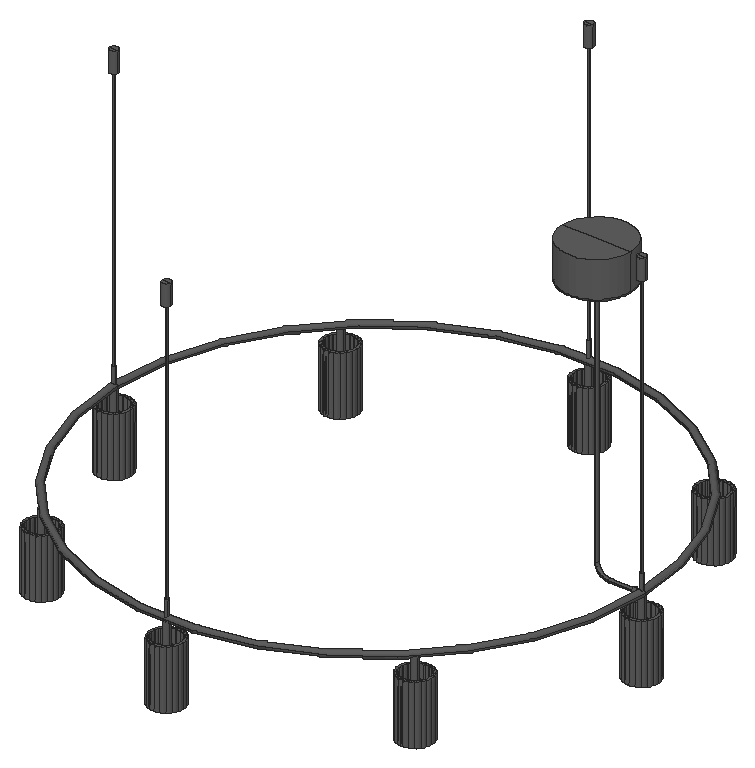
Revit family "Lighting_Pendants_Pholc_Donna_Circle-1000", category Lighting Fixtures, host Ceiling, Revit 2017 (continued)
Definition of nested family "Donna_Circle_1000"
  Lines and regions (mm)
    symbolic lines, detail levels fine
      curve 444: arc (24.956, -488.937, 0) -> (24.951, -487.287, 0) -> (23.619, -486.313, 0) r 1.828
      curve 445: arc (23.619, -486.313, 0) -> (21.034, -484.718, 0) -> (20.316, -481.766, 0) r 4
      curve 446: arc (20.316, -481.766, 0) -> (19.801, -480.199, 0) -> (18.234, -479.684, 0) r 1.828
      curve 447: arc (18.234, -479.684, 0) -> (15.282, -478.966, 0) -> (13.687, -476.381, 0) r 4
      curve 448: arc (13.687, -476.381, 0) -> (12.713, -475.049, 0) -> (11.063, -475.044, 0) r 1.828
      curve 449: arc (11.063, -475.044, 0) -> (8.034, -475.273, 0) -> (5.718, -473.307, 0) r 4
      curve 450: arc (5.718, -473.307, 0) -> (4.381, -472.342, 0) -> (2.81, -472.847, 0) r 1.828
      curve 451: arc (2.81, -472.847, 0) -> (0, -474, 0) -> (-2.81, -472.847, 0) r 4
      curve 452: arc (-2.81, -472.847, 0) -> (-4.381, -472.342, 0) -> (-5.718, -473.307, 0) r 1.828
      curve 453: arc (-5.718, -473.307, 0) -> (-8.034, -475.273, 0) -> (-11.063, -475.044, 0) r 4
      curve 454: arc (-11.063, -475.044, 0) -> (-12.713, -475.049, 0) -> (-13.687, -476.381, 0) r 1.828
      curve 455: arc (-13.687, -476.381, 0) -> (-15.282, -478.966, 0) -> (-18.234, -479.684, 0) r 4
      curve 456: arc (-18.234, -479.684, 0) -> (-19.801, -480.199, 0) -> (-20.316, -481.766, 0) r 1.828
      curve 457: arc (-20.316, -481.766, 0) -> (-21.034, -484.718, 0) -> (-23.619, -486.313, 0) r 4
      curve 458: arc (-23.619, -486.313, 0) -> (-24.951, -487.287, 0) -> (-24.956, -488.937, 0) r 1.828
      curve 459: arc (-24.956, -488.937, 0) -> (-24.562, -491.222, 0) -> (-25.502, -493.341, 0) r 4
      curve 460: arc (-27.257, -505.265, 0) -> (-26.997, -505.52, 0) -> (-26.693, -505.718, 0) r 1.828
      curve 461: arc (-26.693, -505.718, 0) -> (-24.727, -508.034, 0) -> (-24.956, -511.063, 0) r 4
      curve 462: arc (-24.956, -511.063, 0) -> (-24.951, -512.713, 0) -> (-23.619, -513.687, 0) r 1.828
      curve 463: arc (-23.619, -513.687, 0) -> (-21.034, -515.282, 0) -> (-20.316, -518.234, 0) r 4
      curve 464: arc (-20.316, -518.234, 0) -> (-19.801, -519.801, 0) -> (-18.234, -520.316, 0) r 1.828
      curve 465: arc (-18.234, -520.316, 0) -> (-15.282, -521.034, 0) -> (-13.687, -523.619, 0) r 4
      curve 466: arc (-13.687, -523.619, 0) -> (-12.713, -524.951, 0) -> (-11.063, -524.956, 0) r 1.828
      curve 467: circle (0, -500, 0) r 8 normal (0, 0, 1)
      curve 469: arc (326.995, -370.284, 0) -> (324.597, -366.927, 0) -> (325.022, -362.824, 0) r 5.828
      curve 470: arc (325.022, -362.824, 0) -> (321.945, -358.56, 0) -> (323.553, -353.553, 0) r 5.828
      curve 471: arc (323.553, -353.553, 0) -> (321.945, -348.547, 0) -> (325.022, -344.283, 0) r 5.828
      curve 472: arc (325.022, -344.283, 0) -> (325.039, -339.024, 0) -> (329.283, -335.92, 0) r 5.828
      curve 473: arc (329.283, -335.92, 0) -> (330.924, -330.924, 0) -> (335.92, -329.283, 0) r 5.828
      curve 474: arc (335.92, -329.283, 0) -> (339.024, -325.039, 0) -> (344.283, -325.022, 0) r 5.828
      curve 475: arc (344.283, -325.022, 0) -> (348.547, -321.945, 0) -> (353.553, -323.553, 0) r 5.828
      curve 476: arc (353.553, -323.553, 0) -> (358.56, -321.945, 0) -> (362.824, -325.022, 0) r 5.828
      curve 477: arc (362.824, -325.022, 0) -> (366.927, -324.597, 0) -> (370.284, -326.995, 0) r 5.828
      curve 486: arc (342.49, -378.509, 0) -> (345.519, -378.281, 0) -> (347.835, -380.246, 0) r 4
      curve 487: arc (347.835, -380.246, 0) -> (349.173, -381.211, 0) -> (350.743, -380.707, 0) r 1.828
      curve 488: arc (350.743, -380.707, 0) -> (353.553, -379.553, 0) -> (356.364, -380.707, 0) r 4
      curve 489: arc (356.364, -380.707, 0) -> (357.934, -381.211, 0) -> (359.272, -380.246, 0) r 1.828
      curve 490: arc (359.272, -380.246, 0) -> (361.588, -378.281, 0) -> (364.617, -378.509, 0) r 4
      curve 491: arc (364.617, -378.509, 0) -> (366.266, -378.504, 0) -> (367.24, -377.173, 0) r 1.828
      curve 492: arc (367.24, -377.173, 0) -> (368.836, -374.588, 0) -> (371.787, -373.869, 0) r 4
      curve 493: arc (371.787, -373.869, 0) -> (373.354, -373.354, 0) -> (373.869, -371.787, 0) r 1.828
      curve 494: arc (373.869, -371.787, 0) -> (374.588, -368.836, 0) -> (377.173, -367.24, 0) r 4
      curve 495: arc (377.173, -367.24, 0) -> (378.504, -366.266, 0) -> (378.509, -364.617, 0) r 1.828
      curve 496: arc (378.509, -364.617, 0) -> (378.281, -361.588, 0) -> (380.246, -359.272, 0) r 4
      curve 497: arc (380.246, -359.272, 0) -> (381.211, -357.934, 0) -> (380.707, -356.364, 0) r 1.828
      curve 498: arc (380.707, -356.364, 0) -> (379.553, -353.553, 0) -> (380.707, -350.743, 0) r 4
      curve 499: arc (380.707, -350.743, 0) -> (381.211, -349.173, 0) -> (380.246, -347.835, 0) r 1.828
      curve 500: arc (380.246, -347.835, 0) -> (378.281, -345.519, 0) -> (378.509, -342.49, 0) r 4
      curve 501: arc (378.509, -342.49, 0) -> (378.504, -340.84, 0) -> (377.173, -339.866, 0) r 1.828
      curve 502: arc (377.173, -339.866, 0) -> (376.295, -339.616, 0) -> (375.497, -339.173, 0) r 4
      curve 503: arc (367.323, -330.318, 0) -> (367.277, -330.127, 0) -> (367.24, -329.934, 0) r 4
      curve 504: arc (367.24, -329.934, 0) -> (366.266, -328.603, 0) -> (364.617, -328.597, 0) r 1.828
      curve 505: arc (364.617, -328.597, 0) -> (361.588, -328.826, 0) -> (359.272, -326.861, 0) r 4
      curve 506: arc (359.272, -326.861, 0) -> (357.934, -325.895, 0) -> (356.364, -326.4, 0) r 1.828
      curve 507: arc (356.364, -326.4, 0) -> (353.553, -327.553, 0) -> (350.743, -326.4, 0) r 4
      curve 508: arc (350.743, -326.4, 0) -> (349.173, -325.895, 0) -> (347.835, -326.861, 0) r 1.828
      curve 509: arc (347.835, -326.861, 0) -> (345.519, -328.826, 0) -> (342.49, -328.597, 0) r 4
      curve 510: arc (342.49, -328.597, 0) -> (340.84, -328.603, 0) -> (339.866, -329.934, 0) r 1.828
      curve 511: arc (339.866, -329.934, 0) -> (338.271, -332.519, 0) -> (335.32, -333.238, 0) r 4
      curve 512: arc (335.32, -333.238, 0) -> (333.752, -333.752, 0) -> (333.238, -335.32, 0) r 1.828
      curve 513: arc (333.238, -335.32, 0) -> (332.519, -338.271, 0) -> (329.934, -339.866, 0) r 4
      curve 514: arc (329.934, -339.866, 0) -> (328.603, -340.84, 0) -> (328.597, -342.49, 0) r 1.828
      curve 515: arc (328.597, -342.49, 0) -> (328.826, -345.519, 0) -> (326.861, -347.835, 0) r 4
      curve 516: arc (326.861, -347.835, 0) -> (325.895, -349.173, 0) -> (326.4, -350.743, 0) r 1.828
      curve 517: arc (326.4, -350.743, 0) -> (327.553, -353.553, 0) -> (326.4, -356.364, 0) r 4
      curve 518: arc (326.4, -356.364, 0) -> (325.895, -357.934, 0) -> (326.861, -359.272, 0) r 1.828
      curve 519: arc (326.861, -359.272, 0) -> (328.826, -361.588, 0) -> (328.597, -364.617, 0) r 4
      curve 520: arc (328.597, -364.617, 0) -> (328.603, -366.266, 0) -> (329.934, -367.24, 0) r 1.828
      curve 521: arc (329.934, -367.24, 0) -> (330.127, -367.277, 0) -> (330.318, -367.323, 0) r 4
      curve 522: arc (339.173, -375.497, 0) -> (339.616, -376.295, 0) -> (339.866, -377.173, 0) r 4
      curve 523: arc (339.866, -377.173, 0) -> (340.84, -378.504, 0) -> (342.49, -378.509, 0) r 1.828
      curve 524: arc (5.26, -493.972, 0) -> (349.311, -349.311, 0) -> (493.972, -5.26, 0) r 494
      curve 525: arc (5.323, -505.972, 0) -> (18.472, -505.663, 0) -> (31.608, -505.012, 0) r 506
      curve 527: arc (-31.608, -505.012, 0) -> (-18.472, -505.663, 0) -> (-5.323, -505.972, 0) r 506
      curve 529: arc (-378.318, -336.023, 0) -> (-357.796, -357.796, 0) -> (-336.023, -378.318, 0) r 506
      curve 530: arc (336.023, -378.318, 0) -> (357.796, -357.796, 0) -> (378.318, -336.023, 0) r 506
      curve 532: arc (505.012, -31.608, 0) -> (505.663, -18.472, 0) -> (505.972, -5.323, 0) r 506
      curve 534: arc (378.318, 336.023, 0) -> (357.796, 357.796, 0) -> (336.023, 378.318, 0) r 506
      curve 536: arc (31.608, 505.012, 0) -> (18.472, 505.663, 0) -> (5.323, 505.972, 0) r 506
      curve 538: arc (-336.023, 378.318, 0) -> (-357.796, 357.796, 0) -> (-378.318, 336.023, 0) r 506
      curve 548: arc (-493.031, -30.923, 0) -> (-491.707, -29.894, 0) -> (-490.729, -28.532, 0) r 5.828
      curve 549: arc (-490.729, -28.532, 0) -> (-485.471, -28.515, 0) -> (-482.366, -24.271, 0) r 5.828
      curve 550: arc (-482.366, -24.271, 0) -> (-477.371, -22.629, 0) -> (-475.729, -17.634, 0) r 5.828
      curve 551: arc (-475.729, -17.634, 0) -> (-471.485, -14.529, 0) -> (-471.468, -9.271, 0) r 5.828
      curve 552: arc (-471.468, -9.271, 0) -> (-468.391, -5.006, 0) -> (-470, 0, 0) r 5.828
      curve 553: arc (-470, 0, 0) -> (-468.391, 5.006, 0) -> (-471.468, 9.271, 0) r 5.828
      curve 554: arc (-471.468, 9.271, 0) -> (-471.485, 14.529, 0) -> (-475.729, 17.634, 0) r 5.828
      curve 555: arc (-475.729, 17.634, 0) -> (-477.371, 22.629, 0) -> (-482.366, 24.271, 0) r 5.828
      curve 556: arc (-482.366, 24.271, 0) -> (-485.471, 28.515, 0) -> (-490.729, 28.532, 0) r 5.828
      curve 557: arc (-490.729, 28.532, 0) -> (-491.707, 29.894, 0) -> (-493.031, 30.923, 0) r 5.828
      curve 560: arc (-523.619, 13.687, 0) -> (-521.034, 15.282, 0) -> (-520.316, 18.234, 0) r 4
      curve 561: arc (-520.316, 18.234, 0) -> (-519.801, 19.801, 0) -> (-518.234, 20.316, 0) r 1.828
      curve 562: arc (-518.234, 20.316, 0) -> (-515.282, 21.034, 0) -> (-513.687, 23.619, 0) r 4
      curve 563: arc (-513.687, 23.619, 0) -> (-512.713, 24.951, 0) -> (-511.063, 24.956, 0) r 1.828
      curve 564: arc (-511.063, 24.956, 0) -> (-508.034, 24.727, 0) -> (-505.718, 26.693, 0) r 4
      curve 565: arc (-505.718, 26.693, 0) -> (-505.52, 26.997, 0) -> (-505.265, 27.257, 0) r 1.828
      curve 566: arc (-493.341, 25.502, 0) -> (-491.222, 24.562, 0) -> (-488.937, 24.956, 0) r 4
      curve 567: arc (-488.937, 24.956, 0) -> (-487.287, 24.951, 0) -> (-486.313, 23.619, 0) r 1.828
      curve 568: arc (-486.313, 23.619, 0) -> (-484.718, 21.034, 0) -> (-481.766, 20.316, 0) r 4
      curve 569: arc (-481.766, 20.316, 0) -> (-480.199, 19.801, 0) -> (-479.684, 18.234, 0) r 1.828
      curve 570: arc (-479.684, 18.234, 0) -> (-478.966, 15.282, 0) -> (-476.381, 13.687, 0) r 4
      curve 571: arc (-476.381, 13.687, 0) -> (-475.049, 12.713, 0) -> (-475.044, 11.063, 0) r 1.828
      curve 572: arc (-475.044, 11.063, 0) -> (-475.273, 8.034, 0) -> (-473.307, 5.718, 0) r 4
      curve 573: arc (-473.307, 5.718, 0) -> (-472.342, 4.381, 0) -> (-472.847, 2.81, 0) r 1.828
      curve 574: arc (-472.847, 2.81, 0) -> (-474, 0, 0) -> (-472.847, -2.81, 0) r 4
      curve 575: arc (-472.847, -2.81, 0) -> (-472.342, -4.381, 0) -> (-473.307, -5.718, 0) r 1.828
      curve 576: arc (-473.307, -5.718, 0) -> (-475.273, -8.034, 0) -> (-475.044, -11.063, 0) r 4
      curve 577: arc (-475.044, -11.063, 0) -> (-475.049, -12.713, 0) -> (-476.381, -13.687, 0) r 1.828
      curve 578: arc (-476.381, -13.687, 0) -> (-478.966, -15.282, 0) -> (-479.684, -18.234, 0) r 4
      curve 579: arc (-479.684, -18.234, 0) -> (-480.199, -19.801, 0) -> (-481.766, -20.316, 0) r 1.828
      curve 580: arc (-481.766, -20.316, 0) -> (-484.718, -21.034, 0) -> (-486.313, -23.619, 0) r 4
      curve 581: arc (-486.313, -23.619, 0) -> (-487.287, -24.951, 0) -> (-488.937, -24.956, 0) r 1.828
      curve 582: arc (-488.937, -24.956, 0) -> (-491.222, -24.562, 0) -> (-493.341, -25.502, 0) r 4
      curve 583: arc (-505.265, -27.257, 0) -> (-505.52, -26.997, 0) -> (-505.718, -26.693, 0) r 1.828
      curve 584: arc (-505.718, -26.693, 0) -> (-508.034, -24.727, 0) -> (-511.063, -24.956, 0) r 4
      curve 585: arc (-511.063, -24.956, 0) -> (-512.713, -24.951, 0) -> (-513.687, -23.619, 0) r 1.828
      curve 586: arc (-513.687, -23.619, 0) -> (-515.282, -21.034, 0) -> (-518.234, -20.316, 0) r 4
      curve 587: arc (-518.234, -20.316, 0) -> (-519.801, -19.801, 0) -> (-520.316, -18.234, 0) r 1.828
      curve 588: arc (-520.316, -18.234, 0) -> (-521.034, -15.282, 0) -> (-523.619, -13.687, 0) r 4
      curve 589: arc (-523.619, -13.687, 0) -> (-524.951, -12.713, 0) -> (-524.956, -11.063, 0) r 1.828
      curve 590: arc (-524.956, -11.063, 0) -> (-524.727, -8.034, 0) -> (-526.693, -5.718, 0) r 4
      curve 591: arc (-526.693, -5.718, 0) -> (-527.658, -4.381, 0) -> (-527.153, -2.81, 0) r 1.828
      curve 592: arc (-527.153, -2.81, 0) -> (-526, 0, 0) -> (-527.153, 2.81, 0) r 4
      curve 593: arc (-527.153, 2.81, 0) -> (-527.658, 4.381, 0) -> (-526.693, 5.718, 0) r 1.828
      curve 594: arc (-526.693, 5.718, 0) -> (-524.727, 8.034, 0) -> (-524.956, 11.063, 0) r 4
      curve 595: arc (-524.956, 11.063, 0) -> (-524.951, 12.713, 0) -> (-523.619, 13.687, 0) r 1.828
      curve 596: circle (-500, 0, 0) r 8 normal (0, 0, -1)
      curve 597: arc (-493.972, -5.26, 0) -> (-349.311, -349.311, 0) -> (-5.26, -493.972, 0) r 494
      curve 598: arc (-505.972, -5.323, 0) -> (-505.663, -18.472, 0) -> (-505.012, -31.608, 0) r 506
      curve 599: arc (-505.012, 31.608, 0) -> (-505.663, 18.472, 0) -> (-505.972, 5.323, 0) r 506
      curve 607: line (-359.553, 0, 111) -> (-347.553, 0, 111)
      curve 609: line (-347.553, 0, 135.999) -> (-359.553, 0, 135.999)
      curve 618: line (359.553, 0, 111) -> (347.553, 0, 111)
      curve 620: line (347.553, 0, 135.999) -> (359.553, 0, 135.999)
      curve 622: line (499.999, 0, 148.001) -> (497, 0, 148.001)
      curve 626: line (499, 0, 176) -> (501, 0, 176)
      curve 628: arc (503, 0, 147.197) -> (501.553, 0, 147.796) -> (499.999, 0, 148.001) r 6.001
      curve 635: line (501, 0, 676) -> (499, 0, 676)
      curve 638: arc (0, 503, 147.197) -> (0, 501.553, 147.796) -> (0, 499.999, 148.001) r 6.001
      curve 644: line (0, -506, 111) -> (0, -494, 111)
      curve 647: arc (0, -499.999, 135.999) -> (0, -504.242, 137.757) -> (0, -506, 142) r 6.001
      curve 648: line (0, -499.999, 135.999) -> (0, -494, 135.999)
      curve 649: line (0, -499.999, 148.001) -> (0, -497, 148.001)
      curve 656: line (0, -501, 176) -> (0, -499, 176)
      curve 661: line (0, -499, 676) -> (0, -501, 676)
      curve 664: arc (0, -503, 147.197) -> (0, -501.553, 147.796) -> (0, -499.999, 148.001) r 6.001
      curve 670: line (0, 359.553, 111) -> (0, 347.553, 111)
      curve 673: line (0, 359.553, 135.999) -> (0, 347.553, 135.999)
      curve 681: line (0, -359.553, 111) -> (0, -347.553, 111)
      curve 684: line (0, -359.553, 135.999) -> (0, -347.553, 135.999)
  Dimensions and locks
    locked: plane 4 to plane 5 at 38
    "CableLength": plane 5 to plane 7
    locked: plane 7 to plane 2 at 176
    locked: plane 4 to plane 6 at 70
    locked: Revolve 1 sketch curve to Revolve 1 sketch curve at 35
    locked: plane 7 to Revolve 2 sketch curve at 35
    locked: Revolve 3 sketch curve to Revolve 3 sketch curve at 35
    locked: plane 7 to Revolve 9 sketch curve at 35
    aligned and locked: level to plane 2
    aligned and locked: Revolve 1 sketch curve to plane 4
    aligned and locked: plane 5 to Revolve 1 sketch curve
    aligned and locked: Revolve 2 sketch curve to plane 4
    aligned and locked: Revolve 2 sketch curve to plane 5
    aligned and locked: Revolve 1 sketch curve to plane 7
    aligned and locked: plane 7 to Revolve 3 sketch curve
    aligned and locked: plane 5 to Sweep 6 sketch curve
    aligned and locked: plane 5 to Sweep 8 sketch curve
    aligned and locked: plane 7 to Sweep 8 sketch curve
    aligned and locked: curve 58 to plane 7
    aligned and locked: plane 7 to curve 61
    aligned and locked: curve 67 to plane 5
    aligned and locked: plane 5 to curve 74
    aligned and locked: Revolve 1 to plane 4
    aligned and locked: Revolve 1 to plane 5
    aligned and locked: curve 87 to plane 5
    aligned and locked: curve 85 to plane 5
    aligned and locked: Revolve 3 to plane 4
    aligned and locked: plane 5 to curve 91
    aligned and locked: plane 5 to curve 93
    aligned and locked: plane 7 to curve 137
    aligned and locked: plane 7 to curve 140
    aligned and locked: plane 7 to curve 144
    aligned and locked: plane 7 to curve 143
    aligned and locked: plane 5 to Revolve 2
    aligned and locked: plane 5 to curve 138
    aligned and locked: plane 5 to curve 137
    aligned and locked: curve 148 to plane 5
    aligned and locked: plane 5 to Revolve 3  (x2)
    aligned and locked: curve 154 to plane 6
    aligned and locked: plane 6 to curve 155
    aligned and locked: curve 152 to plane 4
    aligned and locked: Extrusion 10 to plane 4
    aligned and locked: plane 7 to curve 655
    aligned and locked: plane 7 to curve 651
    aligned and locked: plane 7 to curve 656
    aligned and locked: plane 4 to curve 658
    aligned and locked: plane 5 to curve 662
  Automatic sketch dimensions
    Revolve 5 sketch curve to plane 3 "Center (Left/Right)" = 0 mm
    Revolve 5 sketch curve to plane 7 = 34 mm
    Revolve 5 sketch curve to plane 7 = 50 mm
    Revolve 5 sketch curve to plane 7 = 20 mm
    Sweep 6 sketch curve to plane 7 = 9 mm
    Sweep 6 sketch curve to Sweep 6 sketch curve = 25 mm
    Sweep 6 sketch curve to Sweep 6 sketch curve = 50 mm
    plane 1 "Center (Front/Back)" to Sweep 6 sketch curve = 0 mm
    Sweep 6 sketch curve to profile plane = 0 mm
    Revolve 7 sketch curve to plane 7 = 34 mm
    Revolve 7 sketch curve to Revolve 7 sketch curve = 15 mm
    Revolve 7 sketch curve to Revolve 7 sketch curve = 4.286 mm
    Revolve 7 sketch curve to Revolve 7 sketch curve = 0 mm  (x2)
    Revolve 7 sketch curve to Revolve 7 sketch curve = 3.105 mm
    Sweep 8 sketch curve to plane 3 "Center (Left/Right)" = 0 mm
    plane 1 "Center (Front/Back)" to Sweep 8 sketch curve = 0 mm  (x2)
    Sweep 8 sketch curve to profile plane = 0 mm  (x2)
    profile plane to Sweep 8 sketch curve = 500 mm
    Sweep 8 sketch curve to profile plane = 500 mm
    Sweep 8 sketch curve to plane 1 "Center (Front/Back)" = 500 mm
    plane 1 "Center (Front/Back)" to Sweep 8 sketch curve = 500 mm
    curve 1 to curve 25 = 0 mm  (x2)
    curve 2 to curve 23 = 0 mm  (x2)
    curve 3 to curve 21 = 0 mm  (x2)
    curve 4 to curve 19 = 0 mm  (x2)
    curve 5 to curve 17 = 0 mm  (x2)
    curve 6 to curve 15 = 0 mm  (x2)
    curve 7 to curve 13 = 0 mm  (x2)
    curve 8 to curve 11 = 0 mm  (x2)
    curve 9 to curve 29 = 0 mm  (x2)
    curve 10 to curve 27 = 0 mm  (x2)
    curve 160 to curve 215 = 0 mm  (x3)
    curve 161 to curve 213 = 0 mm  (x3)
    curve 162 to curve 211 = 0 mm  (x3)
    curve 163 to curve 209 = 0 mm  (x3)
    curve 164 to curve 207 = 0 mm  (x3)
    curve 165 to curve 204 = 0 mm  (x3)
    curve 166 to curve 202 = 0 mm  (x3)
    curve 167 to curve 200 = 0 mm  (x3)
    curve 168 to curve 198 = 0 mm  (x3)
    curve 169 to curve 196 = 0 mm  (x3)
    curve 170 to curve 194 = 0 mm  (x3)
    curve 171 to curve 192 = 0 mm  (x3)
    curve 172 to curve 190 = 0 mm  (x3)
    curve 173 to curve 188 = 0 mm  (x3)
    curve 174 to curve 185 = 0 mm  (x3)
    curve 175 to curve 183 = 0 mm  (x3)
    curve 176 to curve 181 = 0 mm  (x3)
    curve 177 to curve 179 = 0 mm  (x3)
    curve 222 to curve 227 = 0 mm  (x2)
    curve 223 to curve 225 = 0 mm  (x2)
    curve 230 to curve 297 = 0 mm
    curve 230 to curve 527 = 0 mm  (x2)
    curve 231 to curve 297 = 0 mm  (x2)
    curve 231 to curve 527 = 0 mm
    curve 233 to curve 238 = 0 mm  (x2)
    curve 234 to curve 236 = 0 mm  (x2)
    curve 240 to curve 295 = 0 mm  (x2)
    curve 241 to curve 293 = 0 mm  (x2)
    curve 242 to curve 291 = 0 mm  (x2)
    curve 243 to curve 289 = 0 mm  (x2)
    curve 245 to curve 287 = 0 mm  (x2)
    curve 246 to curve 285 = 0 mm  (x2)
    curve 247 to curve 283 = 0 mm  (x2)
    curve 248 to curve 281 = 0 mm  (x2)
    curve 249 to curve 279 = 0 mm  (x2)
    curve 250 to curve 277 = 0 mm  (x2)
    curve 251 to curve 275 = 0 mm  (x2)
    curve 252 to curve 273 = 0 mm  (x2)
    curve 254 to curve 271 = 0 mm  (x2)
    curve 255 to curve 269 = 0 mm  (x2)
    curve 256 to curve 267 = 0 mm  (x2)
    curve 257 to curve 265 = 0 mm  (x2)
    curve 258 to curve 263 = 0 mm  (x2)
    curve 259 to curve 261 = 0 mm  (x2)
    curve 299 to curve 354 = 0 mm  (x3)
    curve 300 to curve 351 = 0 mm  (x3)
    curve 301 to curve 349 = 0 mm  (x3)
    curve 302 to curve 347 = 0 mm  (x3)
    curve 303 to curve 345 = 0 mm  (x3)
    curve 304 to curve 343 = 0 mm  (x3)
    curve 305 to curve 341 = 0 mm  (x3)
    curve 306 to curve 339 = 0 mm  (x3)
    curve 307 to curve 337 = 0 mm  (x3)
    curve 308 to curve 335 = 0 mm  (x3)
    curve 309 to curve 332 = 0 mm  (x3)
    curve 310 to curve 330 = 0 mm  (x3)
    curve 311 to curve 328 = 0 mm  (x3)
    curve 312 to curve 326 = 0 mm  (x3)
    curve 313 to curve 324 = 0 mm  (x3)
    curve 314 to curve 322 = 0 mm  (x3)
    curve 315 to curve 320 = 0 mm  (x3)
    curve 316 to curve 318 = 0 mm  (x3)
    curve 355 to curve 410 = 0 mm  (x2)
    curve 356 to curve 408 = 0 mm  (x2)
    curve 357 to curve 406 = 0 mm  (x2)
    curve 358 to curve 404 = 0 mm  (x2)
    curve 359 to curve 402 = 0 mm  (x2)
    curve 360 to curve 399 = 0 mm  (x2)
    curve 361 to curve 397 = 0 mm  (x2)
    curve 362 to curve 395 = 0 mm  (x2)
    curve 363 to curve 393 = 0 mm  (x2)
    curve 364 to curve 391 = 0 mm  (x2)
    curve 365 to curve 389 = 0 mm  (x2)
    curve 366 to curve 387 = 0 mm  (x2)
    curve 367 to curve 385 = 0 mm  (x2)
    curve 368 to curve 383 = 0 mm  (x2)
    curve 369 to curve 380 = 0 mm  (x2)
    curve 370 to curve 378 = 0 mm  (x2)
    curve 371 to curve 376 = 0 mm  (x2)
    curve 372 to curve 374 = 0 mm  (x2)
    curve 411 to curve 466 = 0 mm  (x2)
    curve 412 to curve 464 = 0 mm  (x2)
    curve 413 to curve 462 = 0 mm  (x2)
    curve 414 to curve 460 = 0 mm  (x2)
    curve 416 to curve 458 = 0 mm  (x2)
    curve 417 to curve 456 = 0 mm  (x2)
    curve 418 to curve 454 = 0 mm  (x2)
    curve 419 to curve 452 = 0 mm  (x2)
    curve 420 to curve 450 = 0 mm  (x2)
    curve 421 to curve 448 = 0 mm  (x2)
    curve 422 to curve 446 = 0 mm  (x2)
    curve 423 to curve 444 = 0 mm  (x2)
    curve 425 to curve 442 = 0 mm  (x2)
    curve 426 to curve 440 = 0 mm  (x2)
    curve 427 to curve 438 = 0 mm  (x2)
    curve 428 to curve 436 = 0 mm  (x2)
    curve 429 to curve 434 = 0 mm  (x2)
    curve 430 to curve 432 = 0 mm  (x2)
    curve 468 to curve 523 = 0 mm  (x2)
    curve 469 to curve 520 = 0 mm  (x2)
    curve 470 to curve 518 = 0 mm  (x2)
    curve 471 to curve 516 = 0 mm  (x2)
    curve 472 to curve 514 = 0 mm  (x2)
    curve 473 to curve 512 = 0 mm  (x2)
    curve 474 to curve 510 = 0 mm  (x2)
    curve 475 to curve 508 = 0 mm  (x2)
    curve 476 to curve 506 = 0 mm  (x2)
    curve 477 to curve 504 = 0 mm  (x2)
    curve 478 to curve 501 = 0 mm  (x2)
    curve 479 to curve 499 = 0 mm  (x2)
    curve 480 to curve 497 = 0 mm  (x2)
    curve 481 to curve 495 = 0 mm  (x2)
    curve 482 to curve 493 = 0 mm  (x2)
    curve 483 to curve 491 = 0 mm  (x2)
    curve 484 to curve 489 = 0 mm  (x2)
    curve 485 to curve 487 = 0 mm  (x2)
    curve 280 to plane 3 "Center (Left/Right)" = 0 mm
    curve 296 to plane 3 "Center (Left/Right)" = 0 mm
    curve 262 to plane 3 "Center (Left/Right)" = 0 mm
    curve 433 to plane 3 "Center (Left/Right)" = 0 mm
    curve 419 to plane 3 "Center (Left/Right)" = 0 mm
    plane 1 "Center (Front/Back)" to curve 297 = 0 mm
    curve 297 to plane 3 "Center (Left/Right)" = 0 mm
    curve 467 to plane 3 "Center (Left/Right)" = 0 mm
    curve 429 to plane 3 "Center (Left/Right)" = 0 mm
    curve 451 to plane 3 "Center (Left/Right)" = 0 mm
    curve 249 to plane 3 "Center (Left/Right)" = 0 mm
    curve 258 to plane 3 "Center (Left/Right)" = 0 mm
    plane 1 "Center (Front/Back)" to curve 30 = 0 mm
    plane 1 "Center (Front/Back)" to curve 229 = 0 mm
    plane 1 "Center (Front/Back)" to curve 4 = 0 mm
    plane 1 "Center (Front/Back)" to curve 20 = 0 mm
    curve 452 to plane 3 "Center (Left/Right)" = 4.095 mm
    curve 281 to plane 3 "Center (Left/Right)" = 4.095 mm
    curve 432 to plane 3 "Center (Left/Right)" = 4.095 mm
    curve 259 to plane 3 "Center (Left/Right)" = 4.095 mm
    curve 431 to curve 430 = 5.176 mm
    curve 260 to curve 259 = 5.176 mm
    curve 282 to curve 248 = 5.176 mm
    curve 453 to curve 419 = 5.176 mm
    curve 454 to curve 453 = 2.612 mm
    curve 411 to curve 431 = 2.612 mm
    curve 240 to curve 260 = 2.612 mm
    curve 283 to curve 282 = 2.612 mm
    curve 294 to curve 240 = 5.751 mm
    curve 465 to curve 411 = 5.751 mm
    curve 455 to curve 418 = 5.751 mm
    curve 284 to curve 247 = 5.751 mm
    curve 285 to curve 284 = 0.875 mm
    curve 241 to curve 294 = 0.875 mm
    curve 456 to curve 455 = 0.875 mm
    curve 412 to curve 465 = 0.875 mm
    curve 416 to curve 417 = 4.813 mm
    curve 462 to curve 412 = 4.813 mm
    curve 291 to curve 241 = 4.813 mm
    curve 245 to curve 246 = 4.813 mm
    curve 457 to curve 417 = 5.762 mm
    curve 463 to curve 413 = 0.949 mm
    curve 292 to curve 242 = 0.949 mm
    curve 286 to curve 246 = 5.762 mm
    curve 460 to curve 413 = 2.531 mm
    curve 243 to curve 242 = 2.531 mm
    curve 244 to curve 287 = 2.531 mm
    curve 415 to curve 416 = 2.531 mm
    curve 459 to curve 415 = 2.679 mm
    curve 461 to curve 413 = 5.21 mm
    curve 288 to curve 287 = 5.21 mm
    curve 290 to curve 243 = 2.679 mm
    curve 380 to curve 381 = 5.751 mm
    curve 168 to curve 197 = 5.751 mm
    curve 185 to curve 186 = 5.751 mm
    curve 393 to curve 392 = 5.751 mm
    curve 184 to curve 174 = 2.612 mm
    curve 199 to curve 168 = 2.612 mm
    curve 394 to curve 363 = 2.612 mm
    curve 379 to curve 369 = 2.612 mm
    curve 200 to curve 199 = 5.176 mm
    curve 370 to curve 379 = 5.176 mm
    curve 362 to curve 394 = 5.176 mm
    curve 183 to curve 184 = 5.176 mm
    curve 182 to curve 175 = 4.095 mm
    curve 377 to curve 370 = 4.095 mm
    curve 396 to curve 362 = 4.095 mm
    curve 201 to curve 167 = 4.095 mm
    curve 176 to curve 182 = 4.095 mm
    curve 166 to curve 201 = 4.095 mm
    curve 361 to curve 396 = 4.095 mm
    curve 371 to curve 377 = 4.095 mm
    curve 180 to curve 176 = 5.176 mm
    curve 398 to curve 361 = 5.176 mm
    curve 375 to curve 371 = 5.176 mm
    curve 203 to curve 166 = 5.176 mm
    curve 399 to curve 398 = 2.612 mm
    curve 165 to curve 203 = 2.612 mm
    curve 179 to curve 180 = 2.612 mm
    curve 374 to curve 375 = 2.612 mm
    curve 205 to curve 165 = 5.751 mm
    curve 400 to curve 360 = 5.751 mm
    curve 373 to curve 372 = 5.751 mm
    curve 178 to curve 177 = 5.751 mm
    curve 160 to curve 178 = 0.875 mm
    curve 410 to curve 373 = 0.875 mm
    curve 164 to curve 205 = 5.688 mm
    curve 161 to curve 160 = 4.813 mm
    curve 359 to curve 400 = 5.688 mm
    curve 356 to curve 355 = 4.813 mm
    curve 409 to curve 355 = 5.762 mm
    curve 206 to curve 164 = 0.949 mm
    curve 401 to curve 359 = 0.949 mm
    curve 214 to curve 160 = 5.762 mm
    curve 209 to curve 164 = 2.531 mm
    curve 162 to curve 161 = 2.531 mm
    curve 358 to curve 359 = 2.531 mm
    curve 406 to curve 356 = 2.531 mm
    curve 208 to curve 164 = 5.21 mm
    curve 407 to curve 357 = 2.679 mm
    curve 403 to curve 358 = 2.679 mm
    curve 212 to curve 162 = 2.679 mm
    curve 210 to curve 162 = 4.148 mm
    curve 405 to curve 357 = 4.148 mm
    plane 3 "Center (Left/Right)" to curve 450 = 4.095 mm
    plane 3 "Center (Left/Right)" to curve 263 = 4.095 mm
    plane 3 "Center (Left/Right)" to curve 279 = 4.095 mm
    plane 3 "Center (Left/Right)" to curve 434 = 4.095 mm
    curve 420 to curve 449 = 5.176 mm
    curve 429 to curve 435 = 5.176 mm
    curve 263 to curve 264 = 5.176 mm
    curve 249 to curve 278 = 5.176 mm
    curve 449 to curve 448 = 2.612 mm
    curve 278 to curve 277 = 2.612 mm
    curve 264 to curve 265 = 2.612 mm
    curve 435 to curve 428 = 2.612 mm
    curve 428 to curve 437 = 5.751 mm
    curve 257 to curve 266 = 5.751 mm
    curve 421 to curve 447 = 5.751 mm
    curve 250 to curve 276 = 5.751 mm
    curve 276 to curve 251 = 0.875 mm
    curve 447 to curve 446 = 0.875 mm
    curve 437 to curve 427 = 0.875 mm
    curve 266 to curve 256 = 0.875 mm
    curve 422 to curve 444 = 4.813 mm
    curve 427 to curve 426 = 4.813 mm
    curve 267 to curve 269 = 4.813 mm
    curve 251 to curve 252 = 4.813 mm
    curve 252 to curve 274 = 0.949 mm
    curve 267 to curve 268 = 5.762 mm
    curve 422 to curve 445 = 5.762 mm
    curve 426 to curve 439 = 0.949 mm
    curve 426 to curve 442 = 2.531 mm
    curve 255 to curve 271 = 2.531 mm
    curve 423 to curve 424 = 2.531 mm
    curve 273 to curve 253 = 2.531 mm
    curve 425 to curve 441 = 2.679 mm
    curve 424 to curve 443 = 2.679 mm
    curve 255 to curve 270 = 5.21 mm
    curve 273 to curve 272 = 5.21 mm
    curve 353 to curve 354 = 5.751 mm
    curve 342 to curve 341 = 5.751 mm
    curve 522 to curve 523 = 5.751 mm
    curve 511 to curve 474 = 5.751 mm
    curve 305 to curve 340 = 2.612 mm
    curve 474 to curve 509 = 2.612 mm
    curve 468 to curve 486 = 2.612 mm
    curve 299 to curve 317 = 2.612 mm
    curve 509 to curve 475 = 5.176 mm
    curve 317 to curve 318 = 5.176 mm
    curve 340 to curve 339 = 5.176 mm
    curve 486 to curve 487 = 5.176 mm
    curve 306 to curve 338 = 4.095 mm
    curve 485 to curve 488 = 4.095 mm
    curve 316 to curve 319 = 4.095 mm
    curve 475 to curve 507 = 4.095 mm
    curve 338 to curve 307 = 4.095 mm
    curve 319 to curve 320 = 4.095 mm
    curve 488 to curve 484 = 4.095 mm
    curve 507 to curve 476 = 4.095 mm
    curve 315 to curve 321 = 5.176 mm
    curve 484 to curve 490 = 5.176 mm
    curve 476 to curve 505 = 5.176 mm
    curve 307 to curve 336 = 5.176 mm
    curve 321 to curve 314 = 2.612 mm
    curve 505 to curve 504 = 2.612 mm
    curve 336 to curve 335 = 2.612 mm
    curve 490 to curve 491 = 2.612 mm
    curve 314 to curve 323 = 5.751 mm
    curve 477 to curve 503 = 5.751 mm
    curve 483 to curve 492 = 5.751 mm
    curve 308 to curve 334 = 5.751 mm
    curve 323 to curve 313 = 0.875 mm
    curve 492 to curve 493 = 0.875 mm
    curve 313 to curve 312 = 4.813 mm
    curve 482 to curve 495 = 4.813 mm
    curve 334 to curve 332 = 5.688 mm
    curve 503 to curve 478 = 5.688 mm
    curve 482 to curve 494 = 5.762 mm
    curve 309 to curve 333 = 0.949 mm
    curve 478 to curve 502 = 0.949 mm
    curve 313 to curve 325 = 5.762 mm
    curve 312 to curve 328 = 2.531 mm
    curve 478 to curve 499 = 2.531 mm
    curve 481 to curve 497 = 2.531 mm
    curve 309 to curve 330 = 2.531 mm
    curve 479 to curve 500 = 2.679 mm
    curve 311 to curve 327 = 2.679 mm
    curve 480 to curve 496 = 2.679 mm
    curve 310 to curve 331 = 2.679 mm
    curve 311 to curve 329 = 4.148 mm
    curve 479 to curve 498 = 4.148 mm
    curve 30 to curve 224 = 60.729 mm
    curve 235 to curve 224 = 0 mm
    curve 224 to curve 223 = 5.762 mm
    curve 235 to curve 234 = 5.762 mm
    curve 234 to curve 237 = 0.875 mm
    curve 223 to curve 226 = 0.875 mm
    plane 1 "Center (Front/Back)" to curve 217 = 4.286 mm
    curve 234 to curve 217 = 3.508 mm
    curve 226 to curve 222 = 5.751 mm
    curve 237 to curve 233 = 5.751 mm
    curve 222 to curve 228 = 2.612 mm
    curve 233 to curve 239 = 2.612 mm
    curve 239 to curve 232 = 5.176 mm
    curve 228 to curve 221 = 5.176 mm
    curve 220 to curve 229 = 15 mm
    curve 232 to curve 8 = 8.189 mm
    curve 221 to curve 29 = 8.189 mm
    curve 9 to curve 28 = 5.176 mm
    curve 8 to curve 12 = 5.176 mm
    curve 28 to curve 27 = 2.612 mm
    curve 12 to curve 7 = 2.612 mm
    curve 10 to curve 26 = 5.751 mm
    curve 7 to curve 14 = 5.751 mm
    curve 14 to curve 6 = 0.875 mm
    curve 26 to curve 1 = 0.875 mm
    curve 6 to curve 17 = 4.813 mm
    curve 1 to curve 2 = 4.813 mm
    curve 5 to curve 16 = 0.949 mm
    curve 2 to curve 24 = 0.949 mm
    curve 3 to plane 1 "Center (Front/Back)" = 4.095 mm
    curve 2 to curve 3 = 2.531 mm
    plane 1 "Center (Front/Back)" to curve 4 = 4.095 mm
    curve 5 to curve 4 = 2.531 mm
    curve 4 to curve 18 = 2.679 mm
    curve 2 to curve 22 = 5.21 mm
    curve 3 to curve 20 = 4.148 mm
    curve 18 to curve 4 = 5.176 mm
    curve 17 to curve 18 = 2.612 mm
    curve 16 to curve 5 = 5.751 mm
    curve 235 to curve 217 = 13.348 mm
    curve 234 to curve 235 = 0.875 mm
    curve 15 to curve 16 = 0.875 mm
    curve 233 to curve 234 = 4.813 mm
    curve 13 to curve 6 = 4.813 mm
    curve 14 to curve 6 = 5.762 mm
    curve 237 to curve 233 = 0.949 mm
    curve 8 to curve 7 = 2.531 mm
    curve 232 to curve 233 = 2.531 mm
    curve 12 to curve 8 = 2.679 mm
    curve 239 to curve 232 = 2.679 mm
    curve 394 to curve 396 = 1.468 mm
    curve 505 to curve 507 = 1.468 mm
    curve 509 to curve 507 = 1.468 mm
    curve 398 to curve 396 = 1.468 mm
    curve 508 to curve 509 = 2.679 mm
    curve 476 to curve 505 = 2.679 mm
    curve 395 to curve 394 = 2.679 mm
    curve 361 to curve 398 = 2.679 mm
    curve 503 to curve 505 = 4.261 mm
    curve 400 to curve 398 = 4.261 mm
    curve 392 to curve 394 = 4.261 mm
    curve 511 to curve 509 = 4.261 mm
    curve 510 to curve 509 = 5.21 mm
    curve 363 to curve 394 = 5.21 mm
    curve 477 to curve 505 = 5.21 mm
    curve 360 to curve 398 = 5.21 mm
    curve 512 to curve 511 = 5.762 mm
    curve 364 to curve 392 = 5.762 mm
    curve 513 to curve 473 = 0.875 mm
    curve 401 to curve 400 = 6.637 mm
    curve 502 to curve 503 = 6.637 mm
    curve 390 to curve 364 = 0.875 mm
    curve 501 to curve 502 = 5.751 mm
    curve 365 to curve 390 = 5.751 mm
    curve 472 to curve 513 = 5.751 mm
    curve 402 to curve 401 = 5.751 mm
    curve 515 to curve 472 = 2.612 mm
    curve 403 to curve 359 = 2.612 mm
    curve 500 to curve 478 = 2.612 mm
    curve 388 to curve 365 = 2.612 mm
    curve 366 to curve 388 = 5.176 mm
    curve 404 to curve 403 = 5.176 mm
    curve 471 to curve 515 = 5.176 mm
    curve 499 to curve 500 = 5.176 mm
    curve 405 to curve 358 = 4.095 mm
    curve 386 to curve 366 = 4.095 mm
    curve 517 to curve 471 = 4.095 mm
    curve 498 to curve 479 = 4.095 mm
    curve 480 to curve 498 = 4.095 mm
    curve 357 to curve 405 = 4.095 mm
    curve 367 to curve 386 = 4.095 mm
    curve 518 to curve 517 = 4.095 mm
    curve 407 to curve 357 = 5.176 mm
    curve 496 to curve 480 = 5.176 mm
    curve 384 to curve 367 = 5.176 mm
    curve 519 to curve 470 = 5.176 mm
    curve 408 to curve 407 = 2.612 mm
    curve 481 to curve 496 = 2.612 mm
    curve 383 to curve 384 = 2.612 mm
    curve 520 to curve 519 = 2.612 mm
    curve 494 to curve 481 = 5.751 mm
    curve 382 to curve 368 = 5.751 mm
    curve 521 to curve 469 = 5.751 mm
    curve 409 to curve 356 = 5.751 mm
    curve 410 to curve 409 = 0.875 mm
    curve 482 to curve 494 = 0.875 mm
    curve 483 to curve 482 = 4.813 mm
    curve 374 to curve 355 = 4.813 mm
    curve 380 to curve 382 = 5.688 mm
    curve 468 to curve 521 = 5.688 mm
    curve 522 to curve 468 = 0.949 mm
    curve 381 to curve 369 = 0.949 mm
    curve 492 to curve 483 = 0.949 mm
    curve 373 to curve 372 = 0.949 mm
    curve 487 to curve 468 = 2.531 mm
    curve 378 to curve 369 = 2.531 mm
    curve 484 to curve 483 = 2.531 mm
    curve 371 to curve 372 = 2.531 mm
    curve 379 to curve 369 = 5.21 mm
    curve 486 to curve 485 = 2.679 mm
    curve 490 to curve 484 = 2.679 mm
    curve 375 to curve 371 = 2.679 mm
    curve 488 to curve 484 = 4.148 mm
    curve 377 to curve 371 = 4.148 mm
    curve 449 to curve 451 = 1.468 mm
    curve 453 to curve 451 = 1.468 mm
    curve 419 to curve 451 = 4.148 mm
    curve 450 to curve 451 = 4.148 mm
    curve 447 to curve 449 = 4.261 mm
    curve 455 to curve 453 = 4.261 mm
    curve 418 to curve 453 = 5.21 mm
    curve 421 to curve 449 = 5.21 mm
    curve 422 to curve 447 = 5.762 mm
    curve 456 to curve 455 = 5.762 mm
    curve 457 to curve 417 = 0.875 mm
    curve 445 to curve 422 = 0.875 mm
    curve 416 to curve 457 = 5.751 mm
    curve 423 to curve 445 = 5.751 mm
    curve 459 to curve 416 = 2.612 mm
    curve 443 to curve 423 = 2.612 mm
    curve 424 to curve 443 = 5.176 mm
    curve 415 to curve 459 = 5.176 mm
    curve 467 to curve 415 = 4.095 mm
    curve 441 to curve 425 = 5.176 mm
    curve 461 to curve 414 = 5.176 mm
    curve 440 to curve 441 = 2.612 mm
    curve 462 to curve 461 = 2.612 mm
    curve 463 to curve 413 = 5.751 mm
    curve 439 to curve 426 = 5.751 mm
    curve 438 to curve 439 = 0.875 mm
    curve 464 to curve 463 = 0.875 mm
    curve 428 to curve 427 = 4.813 mm
    curve 411 to curve 412 = 4.813 mm
    curve 465 to curve 412 = 5.762 mm
    curve 437 to curve 428 = 0.949 mm
    curve 434 to curve 428 = 2.531 mm
    curve 430 to curve 411 = 2.531 mm
    curve 435 to curve 428 = 5.21 mm
    curve 431 to curve 411 = 5.21 mm
    curve 433 to curve 429 = 4.148 mm
    curve 217 to plane 1 "Center (Front/Back)" = 4.286 mm
    curve 3 to curve 22 = 5.176 mm
    curve 22 to curve 2 = 2.612 mm
    curve 216 to curve 224 = 13.348 mm
    curve 2 to curve 24 = 5.751 mm
    curve 24 to curve 1 = 0.875 mm
    curve 224 to curve 223 = 0.875 mm
    curve 223 to curve 222 = 4.813 mm
    curve 1 to curve 27 = 4.813 mm
    curve 222 to curve 226 = 0.949 mm
    curve 1 to curve 26 = 5.762 mm
    curve 10 to curve 29 = 2.531 mm
    curve 222 to curve 221 = 2.531 mm
    curve 10 to curve 28 = 5.21 mm
    curve 221 to curve 228 = 2.679 mm
    curve 338 to curve 340 = 1.468 mm
    curve 201 to curve 199 = 1.468 mm
    curve 201 to curve 203 = 1.468 mm
    curve 338 to curve 336 = 1.468 mm
    curve 201 to curve 202 = 4.148 mm
    curve 340 to curve 306 = 2.679 mm
    curve 338 to curve 307 = 4.148 mm
    curve 199 to curve 167 = 2.679 mm
    curve 336 to curve 334 = 4.261 mm
    curve 340 to curve 342 = 4.261 mm
    curve 203 to curve 205 = 4.261 mm
    curve 199 to curve 197 = 4.261 mm
    curve 197 to curve 168 = 0.949 mm
    curve 203 to curve 165 = 5.21 mm
    curve 334 to curve 308 = 0.949 mm
    curve 342 to curve 305 = 0.949 mm
    curve 342 to curve 343 = 5.762 mm
    curve 197 to curve 196 = 5.762 mm
    curve 304 to curve 344 = 0.875 mm
    curve 205 to curve 206 = 6.637 mm
    curve 334 to curve 333 = 6.637 mm
    curve 169 to curve 195 = 0.875 mm
    curve 344 to curve 345 = 5.751 mm
    curve 206 to curve 164 = 5.751 mm
    curve 333 to curve 332 = 5.751 mm
    curve 195 to curve 194 = 5.751 mm
    curve 170 to curve 193 = 2.612 mm
    curve 164 to curve 208 = 2.612 mm
    curve 303 to curve 346 = 2.612 mm
    curve 309 to curve 331 = 2.612 mm
    curve 331 to curve 330 = 5.176 mm
    curve 346 to curve 302 = 5.176 mm
    curve 208 to curve 209 = 5.176 mm
    curve 193 to curve 192 = 5.176 mm
    curve 302 to curve 348 = 4.095 mm
    curve 171 to curve 191 = 4.095 mm
    curve 163 to curve 210 = 4.095 mm
    curve 310 to curve 329 = 4.095 mm
    curve 329 to curve 311 = 4.095 mm
    curve 191 to curve 172 = 4.095 mm
    curve 348 to curve 349 = 4.095 mm
    curve 210 to curve 211 = 4.095 mm
    curve 301 to curve 350 = 5.176 mm
    curve 172 to curve 189 = 5.176 mm
    curve 162 to curve 212 = 5.176 mm
    curve 311 to curve 327 = 5.176 mm
    curve 212 to curve 213 = 2.612 mm
    curve 327 to curve 312 = 2.612 mm
    curve 189 to curve 188 = 2.612 mm
    curve 350 to curve 351 = 2.612 mm
    curve 161 to curve 214 = 5.751 mm
    curve 300 to curve 352 = 5.751 mm
    curve 173 to curve 187 = 5.751 mm
    curve 312 to curve 325 = 5.751 mm
    curve 325 to curve 324 = 0.875 mm
    curve 214 to curve 215 = 0.875 mm
    curve 160 to curve 177 = 4.813 mm
    curve 352 to curve 354 = 5.688 mm
    curve 187 to curve 174 = 5.688 mm
    curve 313 to curve 322 = 4.813 mm
    curve 177 to curve 178 = 0.949 mm
    curve 299 to curve 353 = 0.949 mm
    curve 314 to curve 323 = 0.949 mm
    curve 174 to curve 186 = 0.949 mm
    curve 299 to curve 318 = 2.531 mm
    curve 174 to curve 183 = 2.531 mm
    curve 316 to curve 315 = 0 mm
    curve 177 to curve 176 = 2.531 mm
    curve 174 to curve 184 = 5.21 mm
    curve 314 to curve 321 = 5.21 mm
    curve 176 to curve 180 = 2.679 mm
    curve 299 to curve 317 = 5.21 mm
    curve 175 to curve 182 = 4.148 mm
    curve 315 to curve 319 = 4.148 mm
    curve 280 to curve 278 = 1.468 mm
    curve 280 to curve 282 = 1.468 mm
    curve 278 to curve 279 = 2.679 mm
    curve 280 to curve 248 = 4.148 mm
    curve 282 to curve 284 = 4.261 mm
    curve 278 to curve 276 = 4.261 mm
    curve 284 to curve 283 = 0.949 mm
    curve 278 to curve 250 = 5.21 mm
    curve 276 to curve 251 = 5.762 mm
    curve 284 to curve 246 = 5.762 mm
    curve 246 to curve 286 = 0.875 mm
    curve 251 to curve 274 = 0.875 mm
    curve 274 to curve 252 = 5.751 mm
    curve 286 to curve 287 = 5.751 mm
    curve 287 to curve 288 = 2.612 mm
    curve 273 to curve 272 = 2.612 mm
    curve 272 to curve 253 = 5.176 mm
    curve 288 to curve 244 = 5.176 mm
    curve 287 to curve 296 = 11.883 mm
    curve 253 to curve 271 = 8.189 mm
    curve 244 to curve 243 = 8.189 mm
    curve 243 to curve 290 = 5.176 mm
    curve 254 to curve 270 = 5.176 mm
    curve 290 to curve 242 = 2.612 mm
    curve 270 to curve 255 = 2.612 mm
    curve 242 to curve 292 = 5.751 mm
    curve 255 to curve 268 = 5.751 mm
    curve 292 to curve 241 = 0.875 mm
    curve 268 to curve 256 = 0.875 mm
    curve 256 to curve 257 = 4.813 mm
    curve 241 to curve 240 = 4.813 mm
    curve 257 to curve 266 = 0.949 mm
    curve 241 to curve 294 = 5.762 mm
    curve 240 to curve 261 = 2.531 mm
    curve 257 to curve 263 = 2.531 mm
    curve 263 to curve 264 = 2.679 mm
    curve 259 to curve 260 = 2.679 mm
    curve 258 to curve 262 = 4.148 mm
    curve 248 to curve 280 = 1.284 mm
    curve 419 to curve 452 = 1.284 mm
    curve 281 to curve 280 = 0 mm
    curve 430 to curve 433 = 1.284 mm
    curve 451 to curve 452 = 0 mm
    curve 259 to curve 262 = 1.284 mm
    curve 432 to curve 433 = 0 mm
    curve 261 to curve 262 = 0 mm
    curve 297 to plane 3 "Center (Left/Right)" = 5.26 mm
    curve 298 to plane 3 "Center (Left/Right)" = 5.323 mm
    curve 453 to curve 452 = 0 mm
    curve 260 to curve 261 = 0 mm
    curve 282 to curve 281 = 0 mm
    curve 431 to curve 432 = 0 mm
    curve 259 to curve 260 = 0 mm
    curve 247 to curve 282 = 0 mm
    curve 411 to curve 431 = 0 mm
    curve 419 to curve 453 = 0 mm
    curve 466 to curve 431 = 0 mm
    curve 295 to curve 260 = 0 mm
    curve 454 to curve 453 = 0 mm
    curve 283 to curve 282 = 0 mm
    curve 284 to curve 283 = 0 mm
    curve 455 to curve 454 = 0 mm
    curve 465 to curve 466 = 0 mm
    curve 294 to curve 295 = 0 mm
    curve 247 to curve 284 = 0 mm
    curve 418 to curve 455 = 0 mm
    curve 240 to curve 294 = 0 mm
    curve 411 to curve 465 = 0 mm
    curve 293 to curve 294 = 0 mm
    curve 285 to curve 284 = 0 mm
    curve 464 to curve 465 = 0 mm
    curve 456 to curve 455 = 0 mm
    curve 286 to curve 285 = 0 mm
    curve 457 to curve 456 = 0 mm
    curve 292 to curve 293 = 0 mm
    curve 463 to curve 464 = 0 mm
    curve 462 to curve 463 = 0 mm
    curve 287 to curve 286 = 0 mm
    curve 458 to curve 457 = 0 mm
    curve 291 to curve 292 = 0 mm
    curve 245 to curve 286 = 0 mm
    curve 416 to curve 457 = 0 mm
    curve 413 to curve 463 = 0 mm
    curve 242 to curve 292 = 0 mm
    curve 290 to curve 291 = 0 mm
    curve 288 to curve 287 = 0 mm
    curve 459 to curve 458 = 0 mm
    curve 461 to curve 462 = 0 mm
    curve 415 to curve 459 = 0.35 mm
    curve 460 to curve 461 = 0 mm
    curve 289 to curve 290 = 0 mm
    curve 243 to curve 290 = 0 mm
    curve 413 to curve 461 = 0 mm
    curve 244 to curve 288 = 0 mm
    curve 416 to curve 459 = 0 mm
    curve 415 to curve 459 = 2.391 mm
    curve 244 to curve 244 = 2.391 mm
    curve 243 to curve 289 = 4.351 mm
    curve 414 to curve 460 = 4.351 mm
    curve 172 to curve 191 = 0 mm
    curve 367 to curve 386 = 0 mm
    curve 172 to curve 189 = 0 mm
    curve 368 to curve 384 = 0 mm
    curve 171 to curve 193 = 0 mm
    curve 365 to curve 388 = 0 mm
    curve 171 to curve 192 = 1.301 mm
    curve 367 to curve 386 = 1.301 mm
    curve 172 to curve 191 = 1.301 mm
    curve 387 to curve 386 = 0 mm
    curve 190 to curve 191 = 0 mm
    curve 385 to curve 386 = 0 mm
    curve 189 to curve 190 = 0 mm
    curve 384 to curve 385 = 0 mm
    curve 193 to curve 192 = 0 mm
    curve 388 to curve 387 = 0 mm
    curve 382 to curve 368 = 2.287 mm
    curve 187 to curve 173 = 2.287 mm
    curve 188 to curve 189 = 0 mm
    curve 389 to curve 388 = 0 mm
    curve 194 to curve 193 = 0 mm
    curve 383 to curve 384 = 0 mm
    curve 365 to curve 390 = 0 mm
    curve 170 to curve 195 = 0 mm
    curve 187 to curve 188 = 0 mm
    curve 382 to curve 383 = 0 mm
    curve 390 to curve 389 = 0 mm
    curve 195 to curve 194 = 0 mm
    curve 196 to curve 195 = 0 mm
    curve 391 to curve 390 = 0 mm
    curve 392 to curve 391 = 0 mm
    curve 197 to curve 196 = 0 mm
    curve 169 to curve 197 = 0 mm
    curve 364 to curve 392 = 0 mm
    curve 174 to curve 186 = 0.104 mm
    curve 369 to curve 381 = 0.104 mm
    curve 369 to curve 381 = 2.497 mm
    curve 174 to curve 186 = 2.497 mm
    curve 393 to curve 392 = 0 mm
    curve 185 to curve 186 = 0 mm
    curve 380 to curve 381 = 0 mm
    curve 198 to curve 197 = 0 mm
    curve 379 to curve 380 = 0 mm
    curve 184 to curve 185 = 0 mm
    curve 199 to curve 198 = 0 mm
    curve 394 to curve 393 = 0 mm
    curve 370 to curve 379 = 0 mm
    curve 362 to curve 394 = 0 mm
    curve 174 to curve 184 = 0 mm
    curve 168 to curve 199 = 0 mm
    curve 378 to curve 379 = 0 mm
    curve 200 to curve 199 = 0 mm
    curve 183 to curve 184 = 0 mm
    curve 395 to curve 394 = 0 mm
    curve 396 to curve 395 = 0 mm
    curve 201 to curve 200 = 0 mm
    curve 377 to curve 378 = 0 mm
    curve 182 to curve 183 = 0 mm
    curve 370 to curve 377 = 0 mm
    curve 362 to curve 396 = 0 mm
    curve 175 to curve 182 = 0 mm
    curve 167 to curve 201 = 0 mm
    curve 397 to curve 396 = 0 mm
    curve 202 to curve 201 = 0 mm
    curve 181 to curve 182 = 0 mm
    curve 376 to curve 377 = 0 mm
    curve 203 to curve 202 = 0 mm
    curve 398 to curve 397 = 0 mm
    curve 180 to curve 181 = 0 mm
    curve 375 to curve 376 = 0 mm
    curve 176 to curve 180 = 0 mm
    curve 165 to curve 203 = 0 mm
    curve 360 to curve 398 = 0 mm
    curve 372 to curve 375 = 0 mm
    curve 399 to curve 398 = 0 mm
    curve 374 to curve 375 = 0 mm
    curve 179 to curve 180 = 0 mm
    curve 204 to curve 203 = 0 mm
    curve 205 to curve 204 = 0 mm
    curve 373 to curve 374 = 0 mm
    curve 178 to curve 179 = 0 mm
    curve 400 to curve 399 = 0 mm
    curve 160 to curve 178 = 0 mm
    curve 355 to curve 373 = 0 mm
    curve 410 to curve 373 = 0 mm
    curve 215 to curve 178 = 0 mm
    curve 214 to curve 215 = 0 mm
    curve 409 to curve 410 = 0 mm
    curve 359 to curve 401 = 1.379 mm
    curve 164 to curve 206 = 1.379 mm
    curve 408 to curve 409 = 0 mm
    curve 402 to curve 401 = 0 mm
    curve 213 to curve 214 = 0 mm
    curve 207 to curve 206 = 0 mm
    curve 355 to curve 409 = 0 mm
    curve 161 to curve 214 = 0 mm
    curve 359 to curve 401 = 0.494 mm
    curve 164 to curve 206 = 0.494 mm
    curve 403 to curve 402 = 0 mm
    curve 407 to curve 408 = 0 mm
    curve 208 to curve 207 = 0 mm
    curve 212 to curve 213 = 0 mm
    curve 404 to curve 403 = 0 mm
    curve 209 to curve 208 = 0 mm
    curve 211 to curve 212 = 0 mm
    curve 406 to curve 407 = 0 mm
    curve 210 to curve 211 = 0 mm
    curve 405 to curve 404 = 0 mm
    curve 359 to curve 403 = 0 mm
    curve 162 to curve 212 = 0 mm
    curve 357 to curve 407 = 0 mm
    curve 163 to curve 208 = 0 mm
    curve 279 to curve 280 = 0 mm
    curve 263 to curve 262 = 0 mm
    curve 450 to curve 451 = 0 mm
    curve 434 to curve 433 = 0 mm
    plane 3 "Center (Left/Right)" to curve 231 = 5.26 mm
    plane 3 "Center (Left/Right)" to curve 536 = 5.323 mm
    curve 449 to curve 450 = 0 mm
    curve 264 to curve 263 = 0 mm
    curve 278 to curve 279 = 0 mm
    curve 435 to curve 434 = 0 mm
    curve 249 to curve 278 = 0 mm
    curve 257 to curve 264 = 0 mm
    curve 429 to curve 435 = 0 mm
    curve 421 to curve 449 = 0 mm
    curve 436 to curve 435 = 0 mm
    curve 277 to curve 278 = 0 mm
    curve 265 to curve 264 = 0 mm
    curve 448 to curve 449 = 0 mm
    curve 276 to curve 277 = 0 mm
    curve 437 to curve 436 = 0 mm
    curve 447 to curve 448 = 0 mm
    curve 266 to curve 265 = 0 mm
    curve 256 to curve 266 = 0 mm
    curve 428 to curve 437 = 0 mm
    curve 250 to curve 276 = 0 mm
    curve 421 to curve 447 = 0 mm
    curve 275 to curve 276 = 0 mm
    curve 267 to curve 266 = 0 mm
    curve 446 to curve 447 = 0 mm
    curve 438 to curve 437 = 0 mm
    curve 439 to curve 438 = 0 mm
    curve 445 to curve 446 = 0 mm
    curve 268 to curve 267 = 0 mm
    curve 274 to curve 275 = 0 mm
    curve 444 to curve 445 = 0 mm
    curve 273 to curve 274 = 0 mm
    curve 269 to curve 268 = 0 mm
    curve 440 to curve 439 = 0 mm
    curve 426 to curve 439 = 0 mm
    curve 423 to curve 445 = 0 mm
    curve 251 to curve 274 = 0 mm
    curve 255 to curve 268 = 0 mm
    curve 270 to curve 269 = 0 mm
    curve 272 to curve 273 = 0 mm
    curve 443 to curve 444 = 0 mm
    curve 441 to curve 440 = 0 mm
    curve 442 to curve 441 = 0 mm
    curve 271 to curve 270 = 0 mm
    curve 255 to curve 270 = 0 mm
    curve 253 to curve 272 = 0 mm
    curve 426 to curve 441 = 0 mm
    curve 423 to curve 443 = 0 mm
    curve 470 to curve 517 = 0 mm
    curve 301 to curve 348 = 0 mm
    curve 301 to curve 350 = 0 mm
    curve 472 to curve 515 = 0 mm
    curve 302 to curve 346 = 0 mm
    curve 470 to curve 519 = 0 mm
    curve 349 to curve 301 = 1.301 mm
    curve 516 to curve 471 = 1.301 mm
    curve 518 to curve 470 = 1.301 mm
    curve 347 to curve 302 = 1.301 mm
    curve 517 to curve 518 = 0 mm
    curve 348 to curve 347 = 0 mm
    curve 350 to curve 349 = 0 mm
    curve 515 to curve 516 = 0 mm
    curve 519 to curve 518 = 0 mm
    curve 346 to curve 347 = 0 mm
    curve 300 to curve 352 = 2.287 mm
    curve 469 to curve 521 = 2.287 mm
    curve 351 to curve 350 = 0 mm
    curve 520 to curve 519 = 0 mm
    curve 345 to curve 346 = 0 mm
    curve 514 to curve 515 = 0 mm
    curve 473 to curve 513 = 0 mm
    curve 303 to curve 344 = 0 mm
    curve 344 to curve 345 = 0 mm
    curve 521 to curve 520 = 0 mm
    curve 352 to curve 351 = 0 mm
    curve 513 to curve 514 = 0 mm
    curve 343 to curve 344 = 0 mm
    curve 512 to curve 513 = 0 mm
    curve 511 to curve 512 = 0 mm
    curve 342 to curve 343 = 0 mm
    curve 304 to curve 342 = 0 mm
    curve 473 to curve 511 = 0 mm
    curve 522 to curve 468 = 0.104 mm
    curve 353 to curve 299 = 0.104 mm
    curve 522 to curve 468 = 2.497 mm
    curve 353 to curve 299 = 2.497 mm
    curve 523 to curve 522 = 0 mm
    curve 354 to curve 353 = 0 mm
    curve 341 to curve 342 = 0 mm
    curve 510 to curve 511 = 0 mm
    curve 340 to curve 341 = 0 mm
    curve 509 to curve 510 = 0 mm
    curve 486 to curve 523 = 0 mm
    curve 317 to curve 354 = 0 mm
    curve 299 to curve 317 = 0 mm
    curve 474 to curve 509 = 0 mm
    curve 485 to curve 486 = 0 mm
    curve 305 to curve 340 = 0 mm
    curve 339 to curve 340 = 0 mm
    curve 508 to curve 509 = 0 mm
    curve 318 to curve 317 = 0 mm
    curve 487 to curve 486 = 0 mm
    curve 338 to curve 339 = 0 mm
    curve 507 to curve 508 = 0 mm
    curve 488 to curve 487 = 0 mm
    curve 319 to curve 318 = 0 mm
    curve 475 to curve 507 = 0 mm
    curve 307 to curve 338 = 0 mm
    curve 484 to curve 488 = 0 mm
    curve 315 to curve 319 = 0 mm
    curve 320 to curve 319 = 0 mm
    curve 337 to curve 338 = 0 mm
    curve 506 to curve 507 = 0 mm
    curve 489 to curve 488 = 0 mm
    curve 490 to curve 489 = 0 mm
    curve 321 to curve 320 = 0 mm
    curve 336 to curve 337 = 0 mm
    curve 505 to curve 506 = 0 mm
    curve 484 to curve 490 = 0 mm
    curve 477 to curve 505 = 0 mm
    curve 314 to curve 321 = 0 mm
    curve 308 to curve 336 = 0 mm
    curve 335 to curve 336 = 0 mm
    curve 322 to curve 321 = 0 mm
    curve 504 to curve 505 = 0 mm
    curve 491 to curve 490 = 0 mm
    curve 492 to curve 491 = 0 mm
    curve 503 to curve 504 = 0 mm
    curve 323 to curve 322 = 0 mm
    curve 334 to curve 335 = 0 mm
    curve 314 to curve 323 = 0 mm
    curve 483 to curve 492 = 0 mm
    curve 324 to curve 323 = 0 mm
    curve 493 to curve 492 = 0 mm
    curve 325 to curve 324 = 0 mm
    curve 494 to curve 493 = 0 mm
    curve 333 to curve 309 = 1.379 mm
    curve 502 to curve 478 = 1.379 mm
    curve 501 to curve 502 = 0 mm
    curve 495 to curve 494 = 0 mm
    curve 326 to curve 325 = 0 mm
    curve 332 to curve 333 = 0 mm
    curve 313 to curve 325 = 0 mm
    curve 481 to curve 494 = 0 mm
    curve 502 to curve 478 = 0.494 mm
    curve 333 to curve 309 = 0.494 mm
    curve 331 to curve 332 = 0 mm
    curve 500 to curve 501 = 0 mm
    curve 327 to curve 326 = 0 mm
    curve 496 to curve 495 = 0 mm
    curve 330 to curve 331 = 0 mm
    curve 497 to curve 496 = 0 mm
    curve 328 to curve 327 = 0 mm
    curve 499 to curve 500 = 0 mm
    curve 329 to curve 330 = 0 mm
    curve 498 to curve 499 = 0 mm
    curve 312 to curve 327 = 0 mm
    curve 479 to curve 500 = 0 mm
    curve 480 to curve 496 = 0 mm
    curve 310 to curve 331 = 0 mm
    curve 235 to curve 234 = 0.668 mm
    curve 224 to curve 223 = 0.668 mm
    curve 235 to curve 235 = 2.609 mm
    curve 224 to curve 224 = 2.609 mm
    curve 225 to curve 223 = 1.808 mm
    curve 235 to curve 234 = 1.808 mm
    curve 236 to curve 235 = 0 mm
    curve 219 to plane 1 "Center (Front/Back)" = 3 mm
    plane 1 "Center (Front/Back)" to curve 220 = 3 mm
